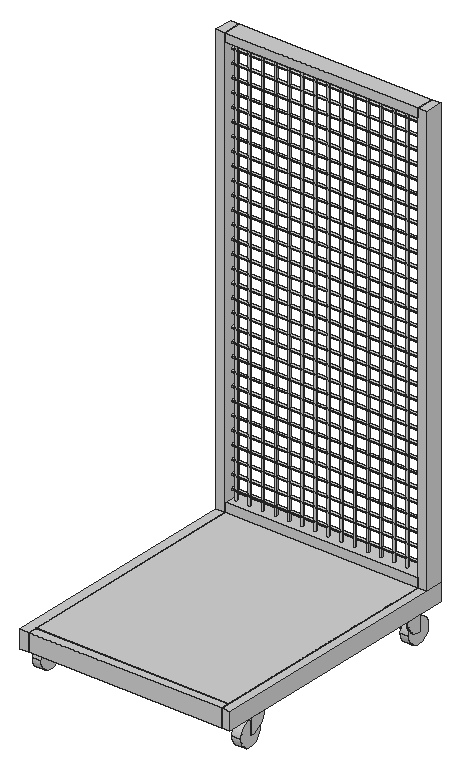
Revit family "TR", category Specialty Equipment, Revit 2012
Parameters (values of type "Seasonal Grid Fixture on Casters (Default)")
  URL = "http://madixinc.com/display/freestanding.html"
  Model = "Seasonal Grid Fixture on Casters"
  Manufacturer = "© 2012 Madix, Inc. All rights reserved."
Reference planes (in)
  plane 1 "Center (Front/Back)": y = 0
  plane 2: z = 0
  plane 3 "Center (Left/Right)": x = 0
  plane 4: y = 10.75
  plane 5: y = -19.25
  plane 6: z = 54
  plane 7: z = 3
  plane 8: z = 5
  plane 9: z = 53
  plane 10: z = 32.5
  plane 11: z = 6
  plane 12: x = -12
  plane 13: x = 12
  plane 14: x = 11
  plane 15: y = -18.25
  plane 16: y = -4.25
Forms (in)
  Extrusion 1, solid, material "Metal - Steel"
    sketch origin (0, 0, 0) x (1, 0, 0) y (0, 1, 0)
      loop
        line (-11, 10.75) -> (-12, 10.75) -> (-12, -19.25) -> (-11, -19.25) -> (-11, 10.75)
      loop
        line (12, 10.75) -> (11, 10.75) -> (11, -19.25) -> (12, -19.25) -> (12, 10.75)
    from 3 to 5
  Extrusion 2, solid, material "Metal - Steel"
    sketch origin (0, 0, 0) x (1, 0, 0) y (0, 1, 0)
      loop
        line (-11, 10.75) -> (-11, 9.75) -> (11, 9.75) -> (11, 10.75) -> (-11, 10.75)
      loop
        line (-11, -19.25) -> (11, -19.25) -> (11, -18.25) -> (-11, -18.25) -> (-11, -19.25)
    from 3 to 5
  Extrusion 3, solid, material "Metal - Steel"
    sketch origin (0, 0, 0) x (1, 0, 0) y (0, 1, 0)
      loop
        line (-11, 9.75) -> (-11, -18.25) -> (11, -18.25) -> (11, 9.75) -> (-11, 9.75)
    from 3 to 5
  Extrusion 4, solid, material "Metal - Steel"
    sketch origin (0, 9.75, 0) x (1, 0, 0) y (0, 1, 0)
      loop
        line (11, 1) -> (11, -1) -> (12, -1) -> (12, 1) -> (11, 1)
      loop
        line (-11, 1) -> (-12, 1) -> (-12, -1) -> (-11, -1) -> (-11, 1)
    from 5 to 54
  Extrusion 5, solid, material "Metal - Steel"
    sketch origin (0, 9.75, 0) x (1, 0, 0) y (0, 1, 0)
      loop
        line (-11, 1) -> (-11, -1) -> (11, -1) -> (11, 1) -> (-11, 1)
    from 53 to 54
  Extrusion 6, solid, material "Metal - Steel"
    sketch origin (0, 9.75, 0) x (1, 0, 0) y (0, 1, 0)
      loop
        circle (0, 0) r 0.125
      loop
        circle (3, 0) r 0.125
      loop
        circle (6, 0) r 0.125
      loop
        circle (9, 0) r 0.125
      loop
        circle (-3, 0) r 0.125
      loop
        circle (-6, 0) r 0.125
      loop
        circle (-9, 0) r 0.125
      loop
        circle (-1.5, 0) r 0.125
      loop
        circle (1.5, 0) r 0.125
      loop
        circle (4.5, 0) r 0.125
      loop
        circle (7.5, 0) r 0.125
      loop
        circle (-4.5, 0) r 0.125
      loop
        circle (-7.5, 0) r 0.125
      loop
        circle (-10.5, 0) r 0.125
      loop
        circle (10.5, 0) r 0.125
    from 6 to 53
  Extrusion 7, solid, material "Metal - Steel"
    sketch origin (0, 0, 0) x (1, 0, 0) y (0, 1, 0)
      loop
        line (-11, 10.75) -> (-11, 8.75) -> (11, 8.75) -> (11, 10.75) -> (-11, 10.75)
    from 5 to 6
  Extrusion 8, solid, material "Metal - Steel"
    sketch origin (0, 9.75, 0) x (0, 1, 0) y (0, 0, 1)
      loop
        circle (0, 32.5) r 0.125
      loop
        circle (0, 35.5) r 0.125
      loop
        circle (0, 38.5) r 0.125
      loop
        circle (0, 41.5) r 0.125
      loop
        circle (0, 44.5) r 0.125
      loop
        circle (0, 47.5) r 0.125
      loop
        circle (0, 50.5) r 0.125
      loop
        circle (0, 29.5) r 0.125
      loop
        circle (0, 26.5) r 0.125
      loop
        circle (0, 23.5) r 0.125
      loop
        circle (0, 20.5) r 0.125
      loop
        circle (0, 17.5) r 0.125
      loop
        circle (0, 14.5) r 0.125
      loop
        circle (0, 11.5) r 0.125
      loop
        circle (0, 8.5) r 0.125
      loop
        circle (0, 31) r 0.125
      loop
        circle (0, 34) r 0.125
      loop
        circle (0, 37) r 0.125
      loop
        circle (0, 40) r 0.125
      loop
        circle (0, 43) r 0.125
      loop
        circle (0, 46) r 0.125
      loop
        circle (0, 49) r 0.125
      loop
        circle (0, 28) r 0.125
      loop
        circle (0, 25) r 0.125
      loop
        circle (0, 22) r 0.125
      loop
        circle (0, 19) r 0.125
      loop
        circle (0, 16) r 0.125
      loop
        circle (0, 13) r 0.125
      loop
        circle (0, 10) r 0.125
      loop
        circle (0, 7) r 0.125
      loop
        circle (0, 52) r 0.125
    from -11 to 11
  Extrusion 9, solid, material "Metal - Steel"
    sketch origin (0.125, 0, 0) x (0, 1, 0) y (0, 0, -1)
      loop
        circle (7.75, -1.375) r 1.375
      loop
        circle (-16.25, -1.375) r 1.375
    from 11 to 12
  Extrusion 10, solid, material "Metal - Steel"
    sketch origin (0.125, 0, 0) x (0, 1, 0) y (0, 0, -1)
      loop
        arc (7.75, -1.25) -> (6.51256, -1.76256) -> (6, -3) r 1.75
        line (6, -3) -> (7.75, -3) -> (7.75, -1.25)
      loop
        line (-16.25, -1.25) -> (-16.25, -3) -> (-14.5, -3)
        arc (-14.5, -3) -> (-15.01256, -1.76256) -> (-16.25, -1.25) r 1.75
    from 12 to 12.125
  Extrusion 11, solid, material "Metal - Steel"
    sketch origin (-21.625, 0, 0) x (0, 1, 0) y (0, 0, 1)
      loop
        line (7.75, 1.25) -> (7.75, 3) -> (6, 3)
        arc (6, 3) -> (6.51256, 1.76256) -> (7.75, 1.25) r 1.75
      loop
        arc (-16.25, 1.25) -> (-15.01256, 1.76256) -> (-14.5, 3) r 1.75
        line (-14.5, 3) -> (-16.25, 3) -> (-16.25, 1.25)
    from 10.75 to 10.875
  Extrusion 12, solid, material "Metal - Steel"
    sketch origin (-0.125, 0, 0) x (0, 1, 0) y (0, 0, 1)
      loop
        circle (7.75, 1.375) r 1.375
      loop
        circle (-16.25, 1.375) r 1.375
    from 11 to 12
  Extrusion 13, solid, material "Metal - Steel"
    sketch origin (-0.125, 0, 0) x (0, 1, 0) y (0, 0, 1)
      loop
        line (7.75, 1.25) -> (7.75, 3) -> (6, 3)
        arc (6, 3) -> (6.51256, 1.76256) -> (7.75, 1.25) r 1.75
      loop
        arc (-16.25, 1.25) -> (-15.01256, 1.76256) -> (-14.5, 3) r 1.75
        line (-14.5, 3) -> (-16.25, 3) -> (-16.25, 1.25)
    from 12 to 12.125
  Extrusion 14, solid, material "Metal - Steel"
    sketch origin (21.625, 0, 0) x (0, 1, 0) y (0, 0, -1)
      loop
        arc (7.75, -1.25) -> (6.51256, -1.76256) -> (6, -3) r 1.75
        line (6, -3) -> (7.75, -3) -> (7.75, -1.25)
      loop
        line (-16.25, -1.25) -> (-16.25, -3) -> (-14.5, -3)
        arc (-14.5, -3) -> (-15.01256, -1.76256) -> (-16.25, -1.25) r 1.75
    from 10.75 to 10.875
Dimensions and locks (in)
  plane 6 to level = 4' - 6"
  plane 5 to plane 4 = 2' - 6"
  aligned and locked: level to plane 2
